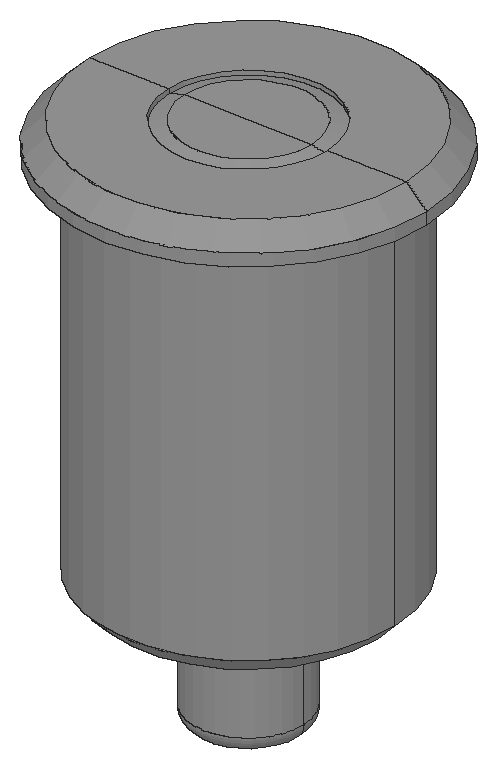
Revit family "4068852 Sylvania Lighting Fixture PATHE CEILING ROUND1 59LM LED 3K", category Lighting Fixtures, host Face, Revit 2016
Family settings
  Host = Face
  Part Type = Normal
  Round Connector Dimension = Use Diameter
  OmniClass Number = 23.80.70.00
  OmniClass Title = Lighting
  Cut with Voids When Loaded = No
  Light Source = Yes
  Shared = No
  Room Calculation Point = No
Parameters (values of type "4068852 PATHE/C/R1 59LM LED 3K")
  Weight = "0.185 kg"
  Wattage Comments = ""
  Wattage = 1.5 W
  WarrantyStartDate [instance] = "n/a"
  WarrantyGuarantorParts = "n/a"
  WarrantyDurationUnit = "n/a"
  WarrantyDurationParts = "n/a"
  WarrantyDescription = "n/a"
  built-in parameter 1150110 = 1 (stored number, unit not read)
  Voltage = 0 V
  URL = "http://www.sylvania-lighting.com"
  TypeName = "PATHE/CEILING/ROUND1 59LM LED 3K"
  Type Image = <None>
  Type Comments = "n/a"
  built-in parameter 1114217 = 1 (stored number, unit not read)
  Tilt Angle = -90.00°
  built-in parameter 1150109 = 1 (stored number, unit not read)
  built-in parameter 1150134 = (empty or 0)
  built-in parameter 1150113 = 1 (stored number, unit not read)
  SerialNumber [instance] = "n/a"
  Radius_SYL = 22.5 mm
  RadiusDiffuser_SYL = 10 mm
  Photometric Web File = "4068852.ies"
  Material_3_SYL = Steel AISI 1006 85 HR
  PowerFactor = 0
  PowerConsumption = "1.5 W"
  NominalLength = 45 mm
  NominalHeight = 75 mm
  NominalDepth = 0 mm
  Name = "PATHE/CEILING/ROUND1 59LM LED 3K"
  ModelReference = Name  # "PATHE/CEILING/ROUND1 59LM LED 3K"
  ModelNumber = "4068852"
  Model = Name  # "PATHE/CEILING/ROUND1 59LM LED 3K"
  Material = "corrosion resistant anodized aluminium housing, anti uv polycarbonate diffuser"
  ManufacturerName = "Feilo Sylvania"
  Manufacturer = "Feilo Sylvania"
  LuminousEfficacy = "39.33 lm/W"
  built-in parameter 1150105 = 4.6951 (stored number, unit not read)
  Lumens = 59 lm
  LuminaireType = ""
  built-in parameter 1150115 = 1 (stored number, unit not read)
  LightOutputRatio = "100"
  built-in parameter 1150137 = (empty or 0)
  built-in parameter 1150139 = (empty or 0)
  LampsType = Lamp  # "LED"
  LampNominalLuminous = "59 lm"
  LampMacAdamStep = "n/a"
  LampColourTemperature = "3000 K"
  LampColourRenderingIndex = "80"
  built-in parameter 1150112 = 1 (stored number, unit not read)
  built-in parameter 1150114 = 1 (stored number, unit not read)
  Lamp = "LED"
  Keynote = "16500"
  InstallationDate [instance] = "n/a"
  InputVoltage = "n/a"
  InputNominalFrequency = "n/a"
  built-in parameter 1150132 = (empty or 0)
  built-in parameter 1150102 = (empty or 0)
  built-in parameter 1150107 = 3000 (stored number, unit not read)
  built-in parameter 1150138 = (empty or 0)
  IngressProtection = "IP68"
  ImpactProtectionIndex = "IK10"
  built-in parameter 1150106 = 0.046951 (stored number, unit not read)
  IfcExportType = "IfcLightFixtureType"
  IfcExportAs = "IfcLightFixtureType"
  HieghtTop_SYL = 3 mm
  ExpectedLife = 50000
  Emit from Circle Diameter = RadiusDiffuser_SYL * 2  # 20 mm
  Emit Shape Visible in Rendering = no
  ElectricShockClassification = "Class III"
  built-in parameter 1150104 = 3.6542 (stored number, unit not read)
  DurationUnit = "hours"
  DocumentationLiterature = "http://www.sylvania-lighting.com/product/en-int/products/4068852"
  DimmingControlOptions = "n/a"
  Material_2_SYL = Polycarbonate, Clear
  Dimming Lamp Color Temperature Shift = <None>
  Description = "Round recessed ceiling mounted luminaireCorrosion resistant anodized aluminium, 59lm, 1.5W, 39lm/W, 3000K, CRI80+, 50°, non dimmable, IP68, IK10, (ØxD) Ø45x75mm, 3 step MacAdam ellipse, Class III, 12-24V-DC, A++ A+ A"
  Default Elevation = 1219.2 mm
  CreatedOn = "9/21/2018"
  CreatedBy = "@sylvania-lighting.com"
  Cost = 0
  Color Filter = 16777215
  built-in parameter 1114216 [instance] = (empty or 0)
  ClassificationValue = "EF_70_80"
  ClassificationName = "Uniclass2015"
  Material_1_SYL = Aluminum 6061 T6 80 Hot Formed
  ChamferTop_SYL = 2.5 mm
  ChamferDiffuserTop_SYL = 2 mm
  ChamferDiffuserSide_SYL = 0.5 mm
  BarCode [instance] = "n/a"
  built-in parameter 1114218 = 1 (stored number, unit not read)
  built-in parameter 1150133 = 10 (stored number, unit not read)
  AssetType = "Fixed"
  AssetIdentifier [instance] = "n/a"
  Assembly Code = "D5020200"
  Apparent Load = 1.5 VA
  Material_4_SYL = none
Reference planes
  plane 1 "Center (Front/Back)": y = 0
  plane 2: z = 0
  plane 3 "Center (Left/Right)": x = 0
  plane 4: x = -22.5
  plane 5: z = -75
  plane 6: x = -10
  plane 7: z = 3
  plane 8: x = -20
  plane 9: z = -36
  plane 10: z = -29.5
  plane 11: x = -8
  plane 12: z = 2.5
  plane 13: z = -6
  plane 14: z = 0.5
  plane 15: x = -18.5
  plane 16: z = -50
  plane 17: z = -65
  plane 18: x = -7
  plane 19: z = -1
  plane 20: x = -16.3
  plane 21: z = -47.8
Forms (mm)
  Revolve 1, solid, material "Polycarbonate, Clear" <- "Material_2_SYL"
    sketch origin (0, 0, 0) x (1, 0, 0) y (0, 0, 1)
      loop
        line (-10, 2.5) -> (-10, 0) -> (0, 0) -> (0, 3) -> (-8, 3) -> (-10, 2.5)
      axis (0, 3) -> (0, 0)
    angle from 360 to 0
  Revolve 2, solid, material "Aluminum 6061 T6 80 Hot Formed" <- "Material_1_SYL"
    sketch origin (0, 0, 0) x (1, 0, 0) y (0, 0, 1)
      loop
        line (-10, 3) -> (-20, 3) -> (-22.5, 0.5) -> (-22.5, -1) -> (-18.5, -1) -> (-18.5, -47.8) -> (-16.3, -50) -> (-7, -50) -> (-7, -63)
        arc (-7, -63) -> (-6.414, -64.414) -> (-5, -65) r 2
        line (-5, -65) -> (0, -65) -> (0, -6) -> (-10, -6) -> (-10, 3)
      axis (0, 3) -> (0, -65)
    angle from 360 to 0
  Revolve 3, void
    sketch origin (0, 0, 0) x (1, 0, 0) y (0, 0, 1)
      loop
        line (-20, 0) -> (-20, -75) -> (0, -75) -> (0, 0) -> (-20, 0)
      axis (0, 0) -> (0, -75)
    angle from 360 to 0
Cuts and joins
  Revolve 3 cuts Revolve 1
Dimensions and locks
  locked: plane 2 to plane 5 at 75
  "Radius_SYL": plane 3 "Center (Left/Right)" to plane 4
  "RadiusDiffuser_SYL": plane 3 "Center (Left/Right)" to plane 6
  "ChamferTop_SYL": plane 8 to plane 4
  "ChamferDiffuserSide_SYL": plane 7 to plane 12
  "ChamferDiffuserTop_SYL": plane 11 to plane 6
  locked: plane 2 to plane 13 at 6
  "ChamferTop_SYL": plane 7 to plane 14
  "HieghtTop_SYL": plane 7 to plane 2
  locked: plane 3 "Center (Left/Right)" to plane 15 at 18.5
  locked: plane 2 to plane 16 at 50
  locked: plane 3 "Center (Left/Right)" to plane 18 at 7
  locked: plane 16 to plane 17 at 15
  locked: plane 2 to plane 19 at 1
  locked: plane 21 to plane 16 at 2.2
  locked: plane 20 to plane 15 at 2.2
  aligned and locked: plane 2 to host face
  aligned and locked: level to host face
  aligned and locked: plane 7 to Revolve 1 sketch curve
  aligned and locked: Revolve 1 sketch curve to plane 3 "Center (Left/Right)"  (x2)
  aligned and locked: plane 11 to Revolve 1 sketch curve
  aligned and locked: plane 6 to Revolve 1 sketch curve
  aligned and locked: plane 12 to Revolve 1 sketch curve
  aligned and locked: imposter light to plane 7
  aligned and locked: imposter light to plane 1 "Center (Front/Back)"
  aligned and locked: plane 3 "Center (Left/Right)" to imposter light
  aligned and locked: Revolve 2 sketch curve to plane 6
  aligned and locked: Revolve 2 sketch curve to plane 7
  aligned and locked: plane 14 to Revolve 2 sketch curve
  aligned and locked: Revolve 2 sketch curve to plane 4
  aligned and locked: Revolve 2 sketch curve to plane 15
  aligned and locked: plane 16 to Revolve 2 sketch curve
  aligned and locked: Revolve 2 sketch curve to plane 18
  aligned and locked: plane 17 to Revolve 2 sketch curve
  aligned and locked: plane 3 "Center (Left/Right)" to Revolve 2 sketch curve
  aligned and locked: Revolve 2 sketch curve to plane 13
  aligned and locked: Revolve 2 sketch curve to plane 3 "Center (Left/Right)"
  aligned and locked: plane 19 to Revolve 2 sketch curve
  aligned and locked: Revolve 3 sketch curve to plane 3 "Center (Left/Right)"  (x2)
  aligned and locked: Revolve 3 sketch curve to level
  aligned and locked: plane 8 to Revolve 3 sketch curve
  aligned and locked: Revolve 3 sketch curve to plane 5
  aligned and locked: plane 20 to Revolve 2 sketch curve
  aligned and locked: plane 15 to Revolve 2 sketch curve
  aligned and locked: plane 21 to Revolve 2 sketch curve
Automatic sketch dimensions
  host sketch curve to host sketch curve = 2438.4 mm  (x2)
  plane 5 to Revolve 1 sketch curve = 534.6 mm
  Revolve 1 sketch curve to Revolve 1 sketch curve = 2607.058 mm
  Revolve 1 sketch curve to level = 0 mm
  plane 5 to Revolve 3 sketch curve = 534.6 mm
  Revolve 3 sketch curve to plane 7 = 2606.058 mm
  Revolve 2 sketch curve to plane 8 = 0 mm
  plane 18 to Revolve 2 sketch curve = 2 mm
  plane 5 to Revolve 2 sketch curve = 534.6 mm
  Revolve 2 sketch curve to plane 7 = 2607.058 mm
Connectors
  electrical at (0, 0, 0), driven by "Apparent Load", driven by "PowerFactor", driven by "Voltage"
    settings: index 1, voltage 0 V, apparent load 1.5 VA, apparent load phase1 0 VA, apparent load phase2 0 VA, apparent load phase3 0 VA, power factor 0, load classification "Lighting", number of poles 1, system type 30, power factor state 1, is connector primary yes, connector utility no, sub classification motor no, connector description ""
